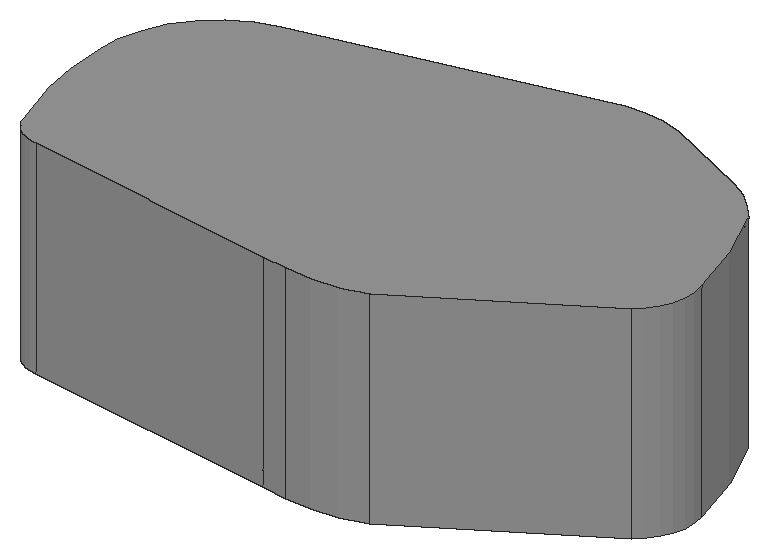
Revit family "Clue_Tables_L36", category Furniture, Revit 2013
Parameters (values of type "CL36")
  Model = "Clue Table L36"
  Length = 2' - 11 11/16"
  Glide = Plastic-Bernhardt-Black
  Description = "Table"
  Width = 1' - 9 13/16"
  URL = "http://bernhardtdesign.com/"
  Product Page URL = "http://www.bernhardtdesign.com/products/clue/index.html"
  Product Name = "Clue"
  Product Documentation Link = "http://www.bernhardtdesign.com/pdf/pricelists/occasional/Clue_PL.pdf"
  Manufacturer = "Bernhardt "  # constant formula
  Level Certification = ""
  Height = 1' - 1 1/2"
  GreenGuard Certification = ""
  Bernhardt Wood = Wood-Bernhardt-Walnut
Reference planes (in)
  plane 1 "Center (Front/Back)": y = 0
  plane 2 "Bottom": z = 0
  plane 3 "Center (Left/Right)": x = 0
  plane 4: z = 13.5
  plane 5 "top of base": z = 1.33239
  plane 6 "base": z = 0.21067
  plane 7: through (-13.71877, 6.66523, 48) normal (-0.2344, 0.9722, 0)
  plane 8: through (-15.10114, -8.63554, 48) normal (0.1219, 0.9925, 0)
  plane 9: through (-18.05612, 0, 48) normal (0.9988, 0.0486, 0)
  plane 10: through (17.62985, -0.80438, 48) normal (-0.9781, -0.2079, 0)
Forms (in)
  Extrusion 1, solid, material "Wood-Bernhardt-Walnut"
    sketch origin (0, 0, 0.21067) x (1, 0, 0) y (0, 1, 0)
      loop
        arc (-12.84768, 6.93578) -> (-16.70357, 4.40783) -> (-18.05612, 0) r 6.79053
        arc (-18.05612, 0) -> (-17.96219, -2.12873) -> (-17.61148, -4.23046) r 17.58512
        line (-17.61148, -4.23046) -> (-16.7267, -7.20685)
        arc (-16.7267, -7.20685) -> (-16.00822, -8.24643) -> (-14.81455, -8.66124) r 2.03445
        line (-14.81455, -8.66124) -> (0, -10.4463) -> (1.48923, -10.62574)
        arc (1.48923, -10.62574) -> (3.78533, -10.65774) -> (6.00548, -10.07122) r 8.4618
        arc (6.00548, -10.07122) -> (11.3086, -7.10032) -> (16.30356, -3.63626) r 63.53903
        arc (16.30356, -3.63626) -> (17.46274, -2.00271) -> (17.49931, 0) r 3.39512
        arc (17.49931, 0) -> (16.58619, 3.22462) -> (15.21293, 6.28177) r 22.93725
        arc (15.21293, 6.28177) -> (14.05126, 7.5075) -> (12.64243, 8.43867) r 7.41672
        arc (12.64243, 8.43867) -> (10.09693, 9.65079) -> (7.49288, 10.7314) r 55.22018
        arc (7.49288, 10.7314) -> (5.28682, 11.0949) -> (3.08076, 10.7314) r 6.87597
        line (3.08076, 10.7314) -> (-12.84768, 6.93578)
    from 1.12172 to 13.28933
  Extrusion 2, solid, material "Wood-Bernhardt-Walnut"
    sketch origin (0, 0, 0.21067) x (1, 0, 0) y (0, 1, 0)
      loop
        arc (-11.9919, 3.0922) -> (-13.61368, 1.81561) -> (-14.11056, -0.18764) r 3.18096
        line (-14.11056, -0.18764) -> (-13.87089, -2.92717) -> (-13.38704, -4.86776) -> (2.84798, -6.78399) -> (4.38072, -6.48605) -> (4.97168, -6.21048) -> (10.03268, -3.25797) -> (13.62925, -0.6449) -> (12.0828, 3.84631)
        arc (12.0828, 3.84631) -> (11.80631, 4.31831) -> (11.36897, 4.64688) r 1.38841
        line (11.36897, 4.64688) -> (6.38427, 6.97128)
        arc (6.38427, 6.97128) -> (5.46722, 7.16033) -> (4.53467, 7.07624) r 3.20451
        line (4.53467, 7.07624) -> (-11.9919, 3.0922)
      loop
        arc (-11.40229, 1.17705) -> (-11.95375, 0.69824) -> (-12.11818, -0.01333) r 1.18096
        line (-12.11818, -0.01333) -> (-11.89222, -2.59606) -> (-11.78066, -3.04348) -> (2.77259, -4.76121) -> (3.84387, -4.55297) -> (8.93824, -1.58098) -> (11.2564, 0.10326) -> (10.27632, 2.94963) -> (5.59635, 5.13194)
        arc (5.59635, 5.13194) -> (5.29986, 5.16717) -> (5.00338, 5.13194) r 1.2651
        line (5.00338, 5.13194) -> (-11.40229, 1.17705)
    from 0 to 1.12172
Lines and regions (in)
  symbolic lines
    curve 1: line (1.48923, -10.62574, 0.21067) -> (0, -10.4463, 0.21067)
    curve 2: line (0, -10.4463, 0.21067) -> (-14.81455, -8.66124, 0.21067)
    curve 3: arc (-14.81455, -8.66124, 0.21067) -> (-15.8234, -8.37162, 0.21067) -> (-16.55363, -7.61767, 0.21067) r 2.03445
    curve 4: line (-16.7267, -7.20685, 0.21067) -> (-17.61148, -4.23046, 0.21067)
    curve 5: arc (-17.61148, -4.23046, 0.21067) -> (-17.80535, -3.26378, 0.21067) -> (-17.94474, -2.28776, 0.21067) r 17.58512
    curve 6: arc (-17.94474, -2.28776, 0.21067) -> (-18.03772, -1.14569, 0.21067) -> (-18.05612, 0, 0.21067) r 17.58512
    curve 7: arc (-18.05612, 0, 0.21067) -> (-17.98055, 1.39248, 0.21067) -> (-17.62212, 2.74015, 0.21067) r 6.79053
    curve 8: arc (-17.62212, 2.74015, 0.21067) -> (-16.55086, 4.60362, 0.21067) -> (-14.95084, 6.03891, 0.21067) r 6.79053
    curve 9: arc (-14.95084, 6.03891, 0.21067) -> (-14.4022, 6.35708, 0.21067) -> (-13.82627, 6.62268, 0.21067) r 6.79053
    curve 10: arc (-13.82627, 6.62268, 0.21067) -> (-13.27452, 6.81965, 0.21067) -> (-12.70803, 6.96906, 0.21067) r 6.8942
    curve 11: line (-12.70803, 6.96906, 0.21067) -> (3.08076, 10.7314, 0.21067)
    curve 12: arc (3.08076, 10.7314, 0.21067) -> (4.58496, 11.05898, 0.21067) -> (6.12433, 11.0437, 0.21067) r 6.87597
    curve 13: arc (6.12433, 11.0437, 0.21067) -> (6.85148, 10.91383, 0.21067) -> (7.56013, 10.70543, 0.21067) r 6.76318
    curve 14: line (7.56013, 10.70543, 0.21067) -> (10.54384, 9.44943, 0.21067)
    curve 15: line (10.54384, 9.44943, 0.21067) -> (12.64243, 8.43867, 0.21067)
    curve 16: arc (12.64243, 8.43867, 0.21067) -> (14.0628, 7.52125, 0.21067) -> (15.21293, 6.28177, 0.21067) r 6.80062
    curve 17: arc (15.21293, 6.28177, 0.21067) -> (15.95547, 4.77831, 0.21067) -> (16.58619, 3.22462, 0.21067) r 22.93725
    curve 18: arc (1.48923, -10.62574, 0.21067) -> (2.7541, -10.70167, 0.21067) -> (4.01896, -10.62574, 0.21067) r 10.57332
    curve 19: arc (4.01896, -10.62574, 0.21067) -> (5.20365, -10.37293, 0.21067) -> (6.32364, -9.91136, 0.21067) r 6.71423
    curve 20: arc (16.30356, -3.63626, 0.21067) -> (17.20696, -2.58812, 0.21067) -> (17.61711, -1.26656, 0.21067) r 3.39512
    curve 21: arc (17.61711, -1.26656, 0.21067) -> (17.60588, -0.4179, 0.21067) -> (17.41146, 0.40827, 0.21067) r 3.90321
    curve 22: line (6.32364, -9.91136, 0.21067) -> (8.61286, -8.69381, 0.21067)
    curve 23: line (8.61286, -8.69381, 0.21067) -> (13.13185, -5.91719, 0.21067)
    curve 24: line (13.13185, -5.91719, 0.21067) -> (16.30356, -3.63626, 0.21067)
    curve 25: line (17.41146, 0.40827, 0.21067) -> (16.58619, 3.22462, 0.21067)
    curve 26: line (-16.55363, -7.61767, 0.21067) -> (-16.7267, -7.20685, 0.21067)
Dimensions and locks (in)
  nested 1 to plane 3 "Center (Left/Right)" = 1' - 0.77069"
  nested 1 to plane 1 "Center (Front/Back)" = 0' - 1.44744"
  nested 2 to plane 3 "Center (Left/Right)" = 1' - 0.61724"
  nested 2 to plane 1 "Center (Front/Back)" = 0' - 3.92195"
  nested 3 to plane 3 "Center (Left/Right)" = 0' - 3.41573"
  nested 3 to plane 1 "Center (Front/Back)" = 0' - 5.76322"
  nested 4 to plane 3 "Center (Left/Right)" = 1' - 0.49384"
  nested 4 to plane 1 "Center (Front/Back)" = 0' - 0.33651"
  nested 5 to plane 3 "Center (Left/Right)" = 0' - 5.57213"
  nested 5 to plane 1 "Center (Front/Back)" = 0' - 6.14759"
  plane 4 to level = 1' - 1 1/2"
  aligned and locked: plane 2 "Bottom" to level
  aligned and locked: plane 1 "Center (Front/Back)" to Extrusion 1 sketch curve
  aligned and locked: Extrusion 1 to plane 5 "top of base"
  aligned and locked: plane 4 to Extrusion 1
  aligned and locked: plane 5 "top of base" to Extrusion 2
  aligned and locked: curve 1 to Extrusion 1
  aligned and locked: curve 2 to Extrusion 1
  aligned and locked: curve 4 to Extrusion 1
Nested families (in)
  nested 1: "Clue_TableFoot" at (-12.77069, 1.44744, 0), type "ClueFoot"
  nested 2: "Clue_TableFoot" at (-12.61724, -3.92195, 0), type "ClueFoot"
  nested 3: "Clue_TableFoot" at (3.41573, -5.76322, 0), type "ClueFoot"
  nested 4: "Clue_TableFoot" at (12.49384, -0.33651, 0), type "ClueFoot"
  nested 5: "Clue_TableFoot" at (5.57213, 6.14759, 0), type "ClueFoot"
Definition of nested family "Clue_TableFoot"
  Parameters (values of type "ClueFoot")
    Model = "Clue Tables xxx"
    Length = 0' - 0"
    Glide = Plastic-Bernhardt-Black
    Description = "Table"
    Width = 0' - 0"
    URL = "http://bernhardtdesign.com/"
    Product Page URL = "xxx"
    Product Name = "Clue"
    Product Documentation Link = "xxx"
    Manufacturer = "Bernhardt "  # constant formula
    Level Certification = ""
    Height = 0' - 0"
    GreenGuard Certification = ""
  Reference planes (in)
    plane 1 "Center (Front/Back)": y = 0
    plane 2 "Bottom": z = 0
    plane 3 "Center (Left/Right)": x = 0
    plane 4: x = -12.6216
    plane 5: through (11.00094, -8.48401, 48) normal (-0.891, 0.454, 0)
  Forms (in)
    Revolve 1, solid, material "Plastic-Bernhardt-Black"
      sketch origin (7.66437, -0.00236, -0.00899) x (1, 0, 0) y (0, 0, 1)
        loop
          line (-7.68479, 0.2122) -> (-7.68479, 0.02302) -> (-7.4716, 0.06752)
          arc (-7.4716, 0.06752) -> (-7.4443, 0.09057) -> (-7.4341, 0.1248) r 0.0625
          line (-7.4341, 0.1248) -> (-7.4341, 0.2122) -> (-7.68479, 0.2122)
        axis (-7.68479, 0.02302) -> (-7.68479, 0.2122)
      angle from 0 to 360
  Dimensions and locks (in)
    aligned and locked: plane 2 "Bottom" to level
